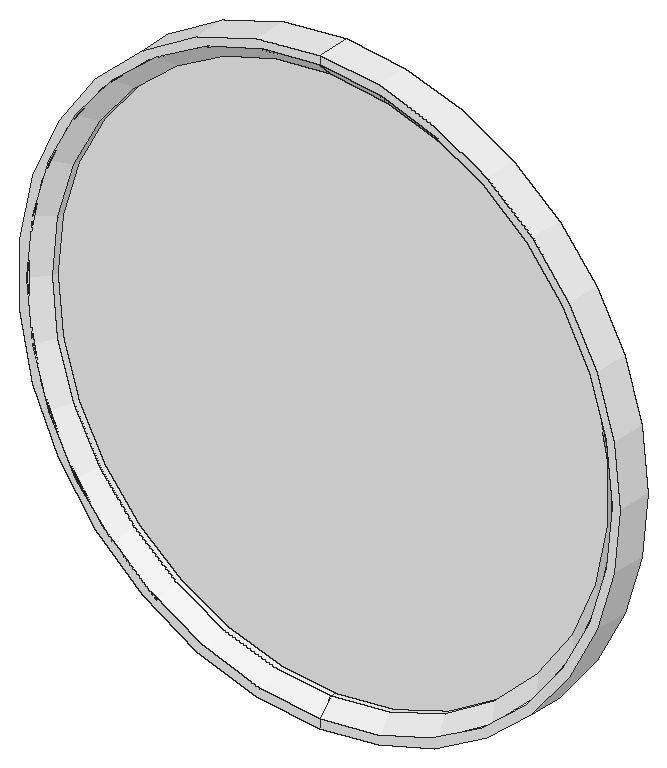
Revit family "xarita s mirror with led lights", category Furniture, Revit 2019
Family settings
  OmniClass Number = 23.40.00.00
  OmniClass Title = Equipment and Furnishings
  Work Plane-Based = No
  Always vertical = Yes
  Cut with Voids When Loaded = No
  Shared = Yes
  Room Calculation Point = No
Parameters (values of type "54982-54982700-MATT_WHITE-400")
  etim7_EC010550 = "EC010550"
  WIDTH = "700"
  WEIGHT = "11.4"
  UNSPSC = "56 | Furniture and Furnishings"
  UNIFORMATII = "E2010 | Fixed Furnishings"
  UNICLASS_2015_CODE = "25_71_53_06"
  UNICLASS2015 = "Pr_25_71_53_06 | Bathroom mirrors"
  TYPE = "C"
  SPECIFICATION = "Surfaces:    - 54982700 Matt White      Specification:    • material: mirror glass   • material frame: aluminium   • surface material: powder coating   • MoistureProof: durable and splash water resistant material  • SmartTouch: light control via capacitive sensor, sensor switch in the mirror surface  • light source: LED, exchangeable  • direct LED light with 5 different color temperatures gradations  • colour temperature: 2700 - 6500 K  • LED lifetime: > 50.000 hours   • stepless dimmable  • AntiFog: with mirror heating  • Auto-off function: automatic shutdown for all functions   • Memory function: Dimming, color temperature and RGB LED settings  • with mounting material  • concealed fastening  • wall-mounted"
  R1 = 352
  PRODUCTURL = "https://pro.hansgrohe.com/articledetail--54982700"
  PERMALINK = "54982XXX"
  OMNICLASS = "23-21 37 13 15 | Mirrors"
  OBJECTTYPE = "Object (single object)"
  NN = "Xarita S Mirror with LED lights"
  NBSYN = "$BASENUMBER.-$ARTNR.-$MATERIAL.-$LODLEVEL."
  NB = "54982-54982700-MATT_WHITE-400"
  NAME = "Xarita S Mirror with LED lights 700/50 capacitive touch sensor"
  Model = "54982-54982700-MATT_WHITE-400"
  Manufacturer = "Hansgrohe"
  MIdent = "{$CADENAS_DATA/23d-libs/hansgrohe/xarita_mirror/xarita_mirror_led_lights_capacitive_touch_sens.prj},231 {VTYP=3D},{NB=54982-54982700-MATT_WHITE-400},{LINA=54982-54982700-MATT_WHITE-400},{NN=Xarita S Mirror with LED lights},{DATE=13.03.2023 09:42:43},{GEOMDATE=12.03.2023 07:50:00},{VERSION=},{LINEID=20},{WBVAR=LODLEVEL},{WBNUMERIC=}  {NB=54982-54982700-MATT_WHITE-400},{LINA=54982-54982700-MATT_WHITE-400},{KT=DUMMY},{IDNR=2},{ARTNR=54982700},{BASENUMBER=54982},{MODEL=54982XXX},{MATERIAL=MATT_WHITE},{LODLEVEL=400},{LODLEVELX='400','400','200','200'},{L=50.000},{R1=352.000},{TYPE=C},{NAME=Xarita S Mirror with LED lights 700/50 capacitive touch sensor},{PERMALINK=54982XXX},{OBJECTTYPE=Object (single object)},{BIMOBJECT=Sanitary: Mirrors},{COLLECTIONSET=Xarita S},{COLLECTIONGROUP=Mirrors},{WIDTH=700},{HEIGHT=700},{DEPTH=50},{WEIGHT=11.4},{DESCRIPTION=Xarita S Mirror with LED lights 700/50 capacitive touch sensor},{SPECIFICATION=Surfaces:    - 54982700 Matt White      Specification:    • material: mirror glass   • material frame: aluminium   • surface material: powder coating   • MoistureProof: durable and splash water resistant material  • SmartTouch: light control via capacitive sensor, sensor switch in the mirror surface  • light source: LED, exchangeable  • direct LED light with 5 different color temperatures gradations  • colour temperature: 2700 - 6500 K  • LED lifetime: > 50.000 hours   • stepless dimmable  • AntiFog: with mirror heating  • Auto-off function: automatic shutdown for all functions   • Memory function: Dimming, color temperature and RGB LED settings  • with mounting material  • concealed fastening  • wall-mounted},{PRODUCTURL=https://pro.hansgrohe.com/articledetail--54982700},{GTINCODE=4059625463864},{TENDERURL=},{IFC=Furnishing element},{ETIM=EC010550 | Mirror},{UNICLASS2015=Pr_25_71_53_06 | Bathroom mirrors},{OMNICLASS=23-21 37 13 15 | Mirrors},{MASTERFORMAT=08 83 00 | Mirrors},{UNSPSC=56 | Furniture and Furnishings},{UNIFORMATII=E2010 | Fixed Furnishings},{DESIGN=Germany},{MANUFACTURER=Germany}"
  MATERIAL = "MATT_WHITE"
  MASTERFORMAT = "08 83 00 | Mirrors"
  LODLEVEL = "400"
  LINA = "54982-54982700-MATT_WHITE-400"
  L = 50
  IFC = "Furnishing element"
  IDNR = 2
  HEIGHT = "700"
  GTINCODE = "4059625463864"
  ETIM = "EC010550 | Mirror"
  DESIGN = "Germany"
  DEPTH = "50"
  COLLECTIONSET = "Xarita S"
  COLLECTIONGROUP = "Mirrors"
  CATALOG = "Hansgrohe"
  BIMOBJECT = "Sanitary: Mirrors"
  BASENUMBER = "54982"
  ARTNR = "54982700"
  54989-54989700-MATT_WHITE-400_RX0RY0RZ0TX0TY0TZ0_V = no
  54989-54989700-MATT_WHITE-200_RX0RY0RZ0TX0TY0TZ0_V = no
  54988-54988700-MATT_WHITE-400_RX0RY0RZ0TX0TY0TZ0_V = no
  54988-54988700-MATT_WHITE-200_RX0RY0RZ0TX0TY0TZ0_V = no
  54987-54987700-MATT_WHITE-400_RX0RY0RZ0TX0TY0TZ0_V = no
  54987-54987700-MATT_WHITE-200_RX0RY0RZ0TX0TY0TZ0_V = no
  54986-54986700-MATT_WHITE-400_RX0RY0RZ0TX0TY0TZ0_V = no
  54986-54986700-MATT_WHITE-200_RX0RY0RZ0TX0TY0TZ0_V = no
  54985-54985700-MATT_WHITE-400_RX0RY0RZ0TX0TY0TZ0_V = no
  54985-54985700-MATT_WHITE-200_RX0RY0RZ0TX0TY0TZ0_V = no
  54984-54984700-MATT_WHITE-400_RX0RY0RZ0TX0TY0TZ0_V = no
  54984-54984700-MATT_WHITE-200_RX0RY0RZ0TX0TY0TZ0_V = no
  54983-54983700-MATT_WHITE-400_RX0RY0RZ0TX0TY0TZ0_V = no
  54983-54983700-MATT_WHITE-200_RX0RY0RZ0TX0TY0TZ0_V = no
  54982-54982700-MATT_WHITE-400_RX0RY0RZ0TX0TY0TZ0_V = yes
  54982-54982700-MATT_WHITE-200_RX0RY0RZ0TX0TY0TZ0_V = no
  54981-54981700-MATT_WHITE-400_RX0RY0RZ0TX0TY0TZ0_V = no
  54981-54981700-MATT_WHITE-200_RX0RY0RZ0TX0TY0TZ0_V = no
Reference planes
  plane 1 "Center (Front/Back)": y = 0
  plane 2: z = 0
  plane 3 "Center (Left/Right)": x = 0
Dimensions and locks
  aligned and locked: level to plane 2
Nested families
  nested 1: "54981-54981700-matt_white-200_matt_white_content" at (0, 0, 0), visible <- "54981-54981700-MATT_WHITE-200_RX0RY0RZ0TX0TY0TZ0_V", ContentVisible <- "54981-54981700-MATT_WHITE-200_RX0RY0RZ0TX0TY0TZ0_V", type "54981-54981700-MATT_WHITE-200_MATT_WHITE_Content"
    with ContentVisible no
  nested 2: "54981-54981700-matt_white-400_matt_white_content" at (0, 0, 0), visible <- "54981-54981700-MATT_WHITE-400_RX0RY0RZ0TX0TY0TZ0_V", ContentVisible <- "54981-54981700-MATT_WHITE-400_RX0RY0RZ0TX0TY0TZ0_V", type "54981-54981700-MATT_WHITE-400_MATT_WHITE_Content"
    with ContentVisible no
  nested 3: "54982-54982700-matt_white-200_matt_white_content" at (0, 0, 0), visible <- "54982-54982700-MATT_WHITE-200_RX0RY0RZ0TX0TY0TZ0_V", ContentVisible <- "54982-54982700-MATT_WHITE-200_RX0RY0RZ0TX0TY0TZ0_V", type "54982-54982700-MATT_WHITE-200_MATT_WHITE_Content"
    with ContentVisible no
  nested 4: "54982-54982700-matt_white-400_matt_white_content" at (0, 0, 0), visible <- "54982-54982700-MATT_WHITE-400_RX0RY0RZ0TX0TY0TZ0_V", ContentVisible <- "54982-54982700-MATT_WHITE-400_RX0RY0RZ0TX0TY0TZ0_V", type "54982-54982700-MATT_WHITE-400_MATT_WHITE_Content"
    with ContentVisible yes
  nested 5: "54983-54983700-matt_white-200_matt_white_content" at (0, 0, 0), visible <- "54983-54983700-MATT_WHITE-200_RX0RY0RZ0TX0TY0TZ0_V", ContentVisible <- "54983-54983700-MATT_WHITE-200_RX0RY0RZ0TX0TY0TZ0_V", type "54983-54983700-MATT_WHITE-200_MATT_WHITE_Content"
    with ContentVisible no
  nested 6: "54983-54983700-matt_white-400_matt_white_content" at (0, 0, 0), visible <- "54983-54983700-MATT_WHITE-400_RX0RY0RZ0TX0TY0TZ0_V", ContentVisible <- "54983-54983700-MATT_WHITE-400_RX0RY0RZ0TX0TY0TZ0_V", type "54983-54983700-MATT_WHITE-400_MATT_WHITE_Content"
    with ContentVisible no
  nested 7: "54984-54984700-matt_white-200_matt_white_content" at (0, 0, 0), visible <- "54984-54984700-MATT_WHITE-200_RX0RY0RZ0TX0TY0TZ0_V", ContentVisible <- "54984-54984700-MATT_WHITE-200_RX0RY0RZ0TX0TY0TZ0_V", type "54984-54984700-MATT_WHITE-200_MATT_WHITE_Content"
    with ContentVisible no
  nested 8: "54984-54984700-matt_white-400_matt_white_content" at (0, 0, 0), visible <- "54984-54984700-MATT_WHITE-400_RX0RY0RZ0TX0TY0TZ0_V", ContentVisible <- "54984-54984700-MATT_WHITE-400_RX0RY0RZ0TX0TY0TZ0_V", type "54984-54984700-MATT_WHITE-400_MATT_WHITE_Content"
    with ContentVisible no
  nested 9: "54985-54985700-matt_white-200_matt_white_content" at (0, 0, 0), visible <- "54985-54985700-MATT_WHITE-200_RX0RY0RZ0TX0TY0TZ0_V", ContentVisible <- "54985-54985700-MATT_WHITE-200_RX0RY0RZ0TX0TY0TZ0_V", type "54985-54985700-MATT_WHITE-200_MATT_WHITE_Content"
    with ContentVisible no
  nested 10: "54985-54985700-matt_white-400_matt_white_content" at (0, 0, 0), visible <- "54985-54985700-MATT_WHITE-400_RX0RY0RZ0TX0TY0TZ0_V", ContentVisible <- "54985-54985700-MATT_WHITE-400_RX0RY0RZ0TX0TY0TZ0_V", type "54985-54985700-MATT_WHITE-400_MATT_WHITE_Content"
    with ContentVisible no
  nested 11: "54986-54986700-matt_white-200_matt_white_content" at (0, 0, 0), visible <- "54986-54986700-MATT_WHITE-200_RX0RY0RZ0TX0TY0TZ0_V", ContentVisible <- "54986-54986700-MATT_WHITE-200_RX0RY0RZ0TX0TY0TZ0_V", type "54986-54986700-MATT_WHITE-200_MATT_WHITE_Content"
    with ContentVisible no
  nested 12: "54986-54986700-matt_white-400_matt_white_content" at (0, 0, 0), visible <- "54986-54986700-MATT_WHITE-400_RX0RY0RZ0TX0TY0TZ0_V", ContentVisible <- "54986-54986700-MATT_WHITE-400_RX0RY0RZ0TX0TY0TZ0_V", type "54986-54986700-MATT_WHITE-400_MATT_WHITE_Content"
    with ContentVisible no
  nested 13: "54987-54987700-matt_white-200_matt_white_content" at (0, 0, 0), visible <- "54987-54987700-MATT_WHITE-200_RX0RY0RZ0TX0TY0TZ0_V", ContentVisible <- "54987-54987700-MATT_WHITE-200_RX0RY0RZ0TX0TY0TZ0_V", type "54987-54987700-MATT_WHITE-200_MATT_WHITE_Content"
    with ContentVisible no
  nested 14: "54987-54987700-matt_white-400_matt_white_content" at (0, 0, 0), visible <- "54987-54987700-MATT_WHITE-400_RX0RY0RZ0TX0TY0TZ0_V", ContentVisible <- "54987-54987700-MATT_WHITE-400_RX0RY0RZ0TX0TY0TZ0_V", type "54987-54987700-MATT_WHITE-400_MATT_WHITE_Content"
    with ContentVisible no
  nested 15: "54988-54988700-matt_white-200_matt_white_content" at (0, 0, 0), visible <- "54988-54988700-MATT_WHITE-200_RX0RY0RZ0TX0TY0TZ0_V", ContentVisible <- "54988-54988700-MATT_WHITE-200_RX0RY0RZ0TX0TY0TZ0_V", type "54988-54988700-MATT_WHITE-200_MATT_WHITE_Content"
    with ContentVisible no
  nested 16: "54988-54988700-matt_white-400_matt_white_content" at (0, 0, 0), visible <- "54988-54988700-MATT_WHITE-400_RX0RY0RZ0TX0TY0TZ0_V", ContentVisible <- "54988-54988700-MATT_WHITE-400_RX0RY0RZ0TX0TY0TZ0_V", type "54988-54988700-MATT_WHITE-400_MATT_WHITE_Content"
    with ContentVisible no
  nested 17: "54989-54989700-matt_white-200_matt_white_content" at (0, 0, 0), visible <- "54989-54989700-MATT_WHITE-200_RX0RY0RZ0TX0TY0TZ0_V", ContentVisible <- "54989-54989700-MATT_WHITE-200_RX0RY0RZ0TX0TY0TZ0_V", type "54989-54989700-MATT_WHITE-200_MATT_WHITE_Content"
    with ContentVisible no
  nested 18: "54989-54989700-matt_white-400_matt_white_content" at (0, 0, 0), visible <- "54989-54989700-MATT_WHITE-400_RX0RY0RZ0TX0TY0TZ0_V", ContentVisible <- "54989-54989700-MATT_WHITE-400_RX0RY0RZ0TX0TY0TZ0_V", type "54989-54989700-MATT_WHITE-400_MATT_WHITE_Content"
    with ContentVisible no
Definition of nested family "54982-54982700-matt_white-400_matt_white_content"
  Parameters (values of type "54982-54982700-MATT_WHITE-400_MATT_WHITE_Content")
    etim7_EC010550 = "EC010550"
    WIDTH = "700"
    WEIGHT = "11.4"
    UNSPSC = "56 | Furniture and Furnishings"
    UNIFORMATII = "E2010 | Fixed Furnishings"
    UNICLASS_2015_CODE = "25_71_53_06"
    UNICLASS2015 = "Pr_25_71_53_06 | Bathroom mirrors"
    TYPE = "C"
    SPECIFICATION = "Surfaces:    - 54982700 Matt White      Specification:    • material: mirror glass   • material frame: aluminium   • surface material: powder coating   • MoistureProof: durable and splash water resistant material  • SmartTouch: light control via capacitive sensor, sensor switch in the mirror surface  • light source: LED, exchangeable  • direct LED light with 5 different color temperatures gradations  • colour temperature: 2700 - 6500 K  • LED lifetime: > 50.000 hours   • stepless dimmable  • AntiFog: with mirror heating  • Auto-off function: automatic shutdown for all functions   • Memory function: Dimming, color temperature and RGB LED settings  • with mounting material  • concealed fastening  • wall-mounted"
    R1 = 352
    PRODUCTURL = "https://pro.hansgrohe.com/articledetail--54982700"
    PERMALINK = "54982XXX"
    OMNICLASS = "23-21 37 13 15 | Mirrors"
    OBJECTTYPE = "Object (single object)"
    NN = "Xarita S Mirror with LED lights"
    NBSYN = "$BASENUMBER.-$ARTNR.-$MATERIAL.-$LODLEVEL."
    NB = "54982-54982700-MATT_WHITE-400"
    NAME = "Xarita S Mirror with LED lights 700/50 capacitive touch sensor"
    Model = "54982-54982700-MATT_WHITE-400"
    Manufacturer = "Hansgrohe"
    MATERIAL = "MATT_WHITE"
    MASTERFORMAT = "08 83 00 | Mirrors"
    LODLEVEL = "400"
    LINA = "54982-54982700-MATT_WHITE-400"
    L = 50
    IFC = "Furnishing element"
    IDNR = 2
    HEIGHT = "700"
    GTINCODE = "4059625463864"
    ETIM = "EC010550 | Mirror"
    Default Elevation = 1219.2 mm
    DESIGN = "Germany"
    DEPTH = "50"
    ContentVisible [instance] = yes
    COLLECTIONSET = "Xarita S"
    COLLECTIONGROUP = "Mirrors"
    CATALOG = "Hansgrohe"
    BIMOBJECT = "Sanitary: Mirrors"
    BASENUMBER = "54982"
    ARTNR = "54982700"
  Reference planes
    plane 1 "Center (Front/Back)": y = 0
    plane 2: z = 0
    plane 3 "Center (Left/Right)": x = 0
  Forms (mm)
    Revolve 1, solid, visible <- "ContentVisible", detail levels medium+fine
      sketch origin (0, 0, 0) x (0, 0, -1) y (0, 1, 0)
        loop
          line (300, -2) -> (325.2, -2) -> (325.2, -33) -> (342, -50) -> (352, -50) -> (352, -11) -> (334, -11) -> (334, 0) -> (300, 0) -> (300, -2)
        axis (0, -50) -> (0, 0)
      angle from -360 to 0
    Extrusion 2, solid, visible <- "ContentVisible", detail levels medium+fine
      sketch origin (0, -26, 0) x (1, 0, 0) y (0, 0, -1)
        loop
          circle (0, 0) r 327
      from 0 to 5
    Extrusion 3, solid, visible <- "ContentVisible", detail levels coarse
      sketch origin (0, -25, -352) x (1, 0, 0) y (0, 1, 0)
        loop
          line (-352, -25) -> (352, -25) -> (352, 25) -> (-352, 25) -> (-352, -25)
      from 0 to 704
  Dimensions and locks
    aligned and locked: level to plane 2
Definition of nested family "54981-54981700-matt_white-200_matt_white_content"
  Parameters (values of type "54981-54981700-MATT_WHITE-200_MATT_WHITE_Content")
    etim7_EC010550 = "EC010550"
    WIDTH = "900"
    WEIGHT = "7.7"
    UNSPSC = "56 | Furniture and Furnishings"
    UNIFORMATII = "E2010 | Fixed Furnishings"
    UNICLASS_2015_CODE = "25_71_53_06"
    UNICLASS2015 = "Pr_25_71_53_06 | Bathroom mirrors"
    TYPE = "C"
    SPECIFICATION = "Surfaces:    - 54981700 Matt White      Specification:    • material: mirror glass   • material frame: aluminium   • surface material: powder coating   • MoistureProof: durable and splash water resistant material  • SmartTouch: light control via capacitive sensor, sensor switch in the mirror surface  • light source: LED, exchangeable  • direct LED light with 5 different color temperatures gradations  • colour temperature: 2700 - 6500 K  • LED lifetime: > 50.000 hours   • stepless dimmable  • AntiFog: with mirror heating  • Auto-off function: automatic shutdown for all functions   • Memory function: Dimming, color temperature and RGB LED settings  • with mounting material  • concealed fastening  • wall-mounted"
    R1 = 450
    PRODUCTURL = "https://pro.hansgrohe.com/articledetail--54981700"
    PERMALINK = "54981XXX"
    OMNICLASS = "23-21 37 13 15 | Mirrors"
    OBJECTTYPE = "Object (single object)"
    NN = "Xarita S Mirror with LED lights"
    NBSYN = "$BASENUMBER.-$ARTNR.-$MATERIAL.-$LODLEVEL."
    NB = "54981-54981700-MATT_WHITE-200"
    NAME = "Xarita S Mirror with LED lights 900/50 capacitive touch sensor"
    Model = "54981-54981700-MATT_WHITE-200"
    Manufacturer = "Hansgrohe"
    MATERIAL = "MATT_WHITE"
    MASTERFORMAT = "08 83 00 | Mirrors"
    LODLEVEL = "200"
    LINA = "54981-54981700-MATT_WHITE-200"
    L = 50
    IFC = "Furnishing element"
    IDNR = 1
    HEIGHT = "900"
    GTINCODE = "4059625463871"
    ETIM = "EC010550 | Mirror"
    Default Elevation = 1219.2 mm
    DESIGN = "Germany"
    DEPTH = "50"
    ContentVisible [instance] = yes
    COLLECTIONSET = "Xarita S"
    COLLECTIONGROUP = "Mirrors"
    CATALOG = "Hansgrohe"
    BIMOBJECT = "Sanitary: Mirrors"
    BASENUMBER = "54981"
    ARTNR = "54981700"
  Reference planes
    plane 1 "Center (Front/Back)": y = 0
    plane 2: z = 0
    plane 3 "Center (Left/Right)": x = 0
  Forms (mm)
    Extrusion 1, solid, visible <- "ContentVisible", detail levels medium+fine
      sketch origin (0, -26, 0) x (1, 0, 0) y (0, 0, -1)
        loop
          circle (0, 0) r 425
      from 0 to 5
    Revolve 2, solid, visible <- "ContentVisible", detail levels medium+fine
      sketch origin (0, 0, 0) x (0, 0, -1) y (0, 1, 0)
        loop
          line (423.2, -50) -> (450, -50) -> (450, 0) -> (423.2, 0) -> (423.2, -50)
        axis (0, -50) -> (0, 0)
      angle from -360 to 0
    Extrusion 3, solid, visible <- "ContentVisible", detail levels coarse
      sketch origin (0, -25, -450) x (1, 0, 0) y (0, 1, 0)
        loop
          line (-450, -25) -> (450, -25) -> (450, 25) -> (-450, 25) -> (-450, -25)
      from 0 to 900
  Dimensions and locks
    aligned and locked: level to plane 2
Definition of nested family "54981-54981700-matt_white-400_matt_white_content"
  Parameters (values of type "54981-54981700-MATT_WHITE-400_MATT_WHITE_Content")
    etim7_EC010550 = "EC010550"
    WIDTH = "900"
    WEIGHT = "7.7"
    UNSPSC = "56 | Furniture and Furnishings"
    UNIFORMATII = "E2010 | Fixed Furnishings"
    UNICLASS_2015_CODE = "25_71_53_06"
    UNICLASS2015 = "Pr_25_71_53_06 | Bathroom mirrors"
    TYPE = "C"
    SPECIFICATION = "Surfaces:    - 54981700 Matt White      Specification:    • material: mirror glass   • material frame: aluminium   • surface material: powder coating   • MoistureProof: durable and splash water resistant material  • SmartTouch: light control via capacitive sensor, sensor switch in the mirror surface  • light source: LED, exchangeable  • direct LED light with 5 different color temperatures gradations  • colour temperature: 2700 - 6500 K  • LED lifetime: > 50.000 hours   • stepless dimmable  • AntiFog: with mirror heating  • Auto-off function: automatic shutdown for all functions   • Memory function: Dimming, color temperature and RGB LED settings  • with mounting material  • concealed fastening  • wall-mounted"
    R1 = 450
    PRODUCTURL = "https://pro.hansgrohe.com/articledetail--54981700"
    PERMALINK = "54981XXX"
    OMNICLASS = "23-21 37 13 15 | Mirrors"
    OBJECTTYPE = "Object (single object)"
    NN = "Xarita S Mirror with LED lights"
    NBSYN = "$BASENUMBER.-$ARTNR.-$MATERIAL.-$LODLEVEL."
    NB = "54981-54981700-MATT_WHITE-400"
    NAME = "Xarita S Mirror with LED lights 900/50 capacitive touch sensor"
    Model = "54981-54981700-MATT_WHITE-400"
    Manufacturer = "Hansgrohe"
    MATERIAL = "MATT_WHITE"
    MASTERFORMAT = "08 83 00 | Mirrors"
    LODLEVEL = "400"
    LINA = "54981-54981700-MATT_WHITE-400"
    L = 50
    IFC = "Furnishing element"
    IDNR = 1
    HEIGHT = "900"
    GTINCODE = "4059625463871"
    ETIM = "EC010550 | Mirror"
    Default Elevation = 1219.2 mm
    DESIGN = "Germany"
    DEPTH = "50"
    ContentVisible [instance] = yes
    COLLECTIONSET = "Xarita S"
    COLLECTIONGROUP = "Mirrors"
    CATALOG = "Hansgrohe"
    BIMOBJECT = "Sanitary: Mirrors"
    BASENUMBER = "54981"
    ARTNR = "54981700"
  Reference planes
    plane 1 "Center (Front/Back)": y = 0
    plane 2: z = 0
    plane 3 "Center (Left/Right)": x = 0
  Forms (mm)
    Revolve 1, solid, visible <- "ContentVisible", detail levels medium+fine
      sketch origin (0, 0, 0) x (0, 0, -1) y (0, 1, 0)
        loop
          line (398, -2) -> (423.2, -2) -> (423.2, -33) -> (440, -50) -> (450, -50) -> (450, -11) -> (432, -11) -> (432, 0) -> (398, 0) -> (398, -2)
        axis (0, -50) -> (0, 0)
      angle from -360 to 0
    Revolve 2, solid, visible <- "ContentVisible", detail levels medium+fine
      sketch origin (0, 0, 0) x (0, 0, -1) y (0, 1, 0)
        loop
          line (432, -11) -> (441, -11)
          arc (441, -11) -> (442.414, -10.414) -> (443, -9) r 2
          line (443, -9) -> (443, -3.5)
          arc (443, -3.5) -> (442.414, -2.086) -> (441, -1.5) r 2
          line (441, -1.5) -> (432, -1.5) -> (432, -11)
        axis (0, -11) -> (0, -1.5)
      angle from -360 to 0
    Extrusion 3, solid, visible <- "ContentVisible", detail levels medium+fine
      sketch origin (0, -26, 0) x (1, 0, 0) y (0, 0, -1)
        loop
          circle (0, 0) r 425
      from 0 to 5
    Extrusion 4, solid, visible <- "ContentVisible", detail levels coarse
      sketch origin (0, -25, -450) x (1, 0, 0) y (0, 1, 0)
        loop
          line (-450, -25) -> (450, -25) -> (450, 25) -> (-450, 25) -> (-450, -25)
      from 0 to 900
  Dimensions and locks
    aligned and locked: level to plane 2
Definition of nested family "54982-54982700-matt_white-200_matt_white_content"
  Parameters (values of type "54982-54982700-MATT_WHITE-200_MATT_WHITE_Content")
    etim7_EC010550 = "EC010550"
    WIDTH = "700"
    WEIGHT = "11.4"
    UNSPSC = "56 | Furniture and Furnishings"
    UNIFORMATII = "E2010 | Fixed Furnishings"
    UNICLASS_2015_CODE = "25_71_53_06"
    UNICLASS2015 = "Pr_25_71_53_06 | Bathroom mirrors"
    TYPE = "C"
    SPECIFICATION = "Surfaces:    - 54982700 Matt White      Specification:    • material: mirror glass   • material frame: aluminium   • surface material: powder coating   • MoistureProof: durable and splash water resistant material  • SmartTouch: light control via capacitive sensor, sensor switch in the mirror surface  • light source: LED, exchangeable  • direct LED light with 5 different color temperatures gradations  • colour temperature: 2700 - 6500 K  • LED lifetime: > 50.000 hours   • stepless dimmable  • AntiFog: with mirror heating  • Auto-off function: automatic shutdown for all functions   • Memory function: Dimming, color temperature and RGB LED settings  • with mounting material  • concealed fastening  • wall-mounted"
    R1 = 352
    PRODUCTURL = "https://pro.hansgrohe.com/articledetail--54982700"
    PERMALINK = "54982XXX"
    OMNICLASS = "23-21 37 13 15 | Mirrors"
    OBJECTTYPE = "Object (single object)"
    NN = "Xarita S Mirror with LED lights"
    NBSYN = "$BASENUMBER.-$ARTNR.-$MATERIAL.-$LODLEVEL."
    NB = "54982-54982700-MATT_WHITE-200"
    NAME = "Xarita S Mirror with LED lights 700/50 capacitive touch sensor"
    Model = "54982-54982700-MATT_WHITE-200"
    Manufacturer = "Hansgrohe"
    MATERIAL = "MATT_WHITE"
    MASTERFORMAT = "08 83 00 | Mirrors"
    LODLEVEL = "200"
    LINA = "54982-54982700-MATT_WHITE-200"
    L = 50
    IFC = "Furnishing element"
    IDNR = 2
    HEIGHT = "700"
    GTINCODE = "4059625463864"
    ETIM = "EC010550 | Mirror"
    Default Elevation = 1219.2 mm
    DESIGN = "Germany"
    DEPTH = "50"
    ContentVisible [instance] = yes
    COLLECTIONSET = "Xarita S"
    COLLECTIONGROUP = "Mirrors"
    CATALOG = "Hansgrohe"
    BIMOBJECT = "Sanitary: Mirrors"
    BASENUMBER = "54982"
    ARTNR = "54982700"
  Reference planes
    plane 1 "Center (Front/Back)": y = 0
    plane 2: z = 0
    plane 3 "Center (Left/Right)": x = 0
  Forms (mm)
    Extrusion 1, solid, visible <- "ContentVisible", detail levels medium+fine
      sketch origin (0, -26, 0) x (1, 0, 0) y (0, 0, -1)
        loop
          circle (0, 0) r 327
      from 0 to 5
    Revolve 2, solid, visible <- "ContentVisible", detail levels medium+fine
      sketch origin (0, 0, 0) x (0, 0, -1) y (0, 1, 0)
        loop
          line (325.2, -50) -> (352, -50) -> (352, 0) -> (325.2, 0) -> (325.2, -50)
        axis (0, -50) -> (0, 0)
      angle from -360 to 0
    Extrusion 3, solid, visible <- "ContentVisible", detail levels coarse
      sketch origin (0, -25, -352) x (1, 0, 0) y (0, 1, 0)
        loop
          line (-352, -25) -> (352, -25) -> (352, 25) -> (-352, 25) -> (-352, -25)
      from 0 to 704
  Dimensions and locks
    aligned and locked: level to plane 2
Definition of nested family "54983-54983700-matt_white-200_matt_white_content"
  Parameters (values of type "54983-54983700-MATT_WHITE-200_MATT_WHITE_Content")
    etim7_EC010550 = "EC010550"
    WIDTH = "1606"
    WEIGHT = "16.1"
    UNSPSC = "56 | Furniture and Furnishings"
    UNIFORMATII = "E2010 | Fixed Furnishings"
    UNICLASS_2015_CODE = "25_71_53_06"
    UNICLASS2015 = "Pr_25_71_53_06 | Bathroom mirrors"
    TYPE = "R"
    SPECIFICATION = "Surfaces:    - 54983700 Matt White      Specification:    • material: mirror glass   • material frame: aluminium   • surface material: powder coating   • MoistureProof: durable and splash water resistant material  • SmartTouch: light control via capacitive sensor, sensor switch in the mirror surface  • light source: LED, exchangeable  • direct LED light with 5 different color temperatures gradations  • colour temperature: 2700 - 6500 K  • LED lifetime: > 50.000 hours   • stepless dimmable  • AntiFog: with mirror heating  • Auto-off function: automatic shutdown for all functions   • Memory function: Dimming, color temperature and RGB LED settings  • with mounting material  • concealed fastening  • wall-mounted"
    R1 = 706
    PRODUCTURL = "https://pro.hansgrohe.com/articledetail--54983700"
    PERMALINK = "54983XXX"
    OMNICLASS = "23-21 37 13 15 | Mirrors"
    OBJECTTYPE = "Object (single object)"
    NN = "Xarita S Mirror with LED lights"
    NBSYN = "$BASENUMBER.-$ARTNR.-$MATERIAL.-$LODLEVEL."
    NB = "54983-54983700-MATT_WHITE-200"
    NAME = "Xarita E Mirror with LED lights 1600/50 capacitive touch sensor"
    Model = "54983-54983700-MATT_WHITE-200"
    Manufacturer = "Hansgrohe"
    MATERIAL = "MATT_WHITE"
    MASTERFORMAT = "08 83 00 | Mirrors"
    LODLEVEL = "200"
    LINA = "54983-54983700-MATT_WHITE-200"
    L = 1606
    IFC = "Furnishing element"
    IDNR = 3
    HEIGHT = "706"
    GTINCODE = "4059625463857"
    ETIM = "EC010550 | Mirror"
    Default Elevation = 1219.2 mm
    DESIGN = "Germany"
    DEPTH = "50"
    ContentVisible [instance] = yes
    COLLECTIONSET = "Xarita E"
    COLLECTIONGROUP = "Mirrors"
    CATALOG = "Hansgrohe"
    BIMOBJECT = "Sanitary: Mirrors"
    BASENUMBER = "54983"
    ARTNR = "54983700"
  Reference planes
    plane 1 "Center (Front/Back)": y = 0
    plane 2: z = 0
    plane 3 "Center (Left/Right)": x = 0
  Forms (mm)
    Extrusion 1, solid, visible <- "ContentVisible", detail levels medium+fine
      sketch origin (0, -26, 0) x (1, 0, 0) y (0, 0, -1)
        loop
          line (-789.6, 326) -> (-789.6, -326) -> (789.6, -326) -> (789.6, 326) -> (-789.6, 326)
      from 0 to 4
    Extrusion 2, solid, visible <- "ContentVisible", detail levels medium+fine
      sketch origin (0, 0, 0) x (1, 0, 0) y (0, 0, -1)
        loop
          line (-803, 353) -> (-803, -353) -> (0, -353) -> (0, -326) -> (-776, -326) -> (-776, 326) -> (0, 326) -> (0, 353) -> (-803, 353)
      from -50 to 0
    Extrusion 3, solid, visible <- "ContentVisible", detail levels medium+fine
      sketch origin (0, 0, 0) x (1, 0, 0) y (0, 0, -1)
        loop
          line (0, -326) -> (0, -353) -> (803, -353) -> (803, 353) -> (0, 353) -> (0, 326) -> (776, 326) -> (776, -326) -> (0, -326)
      from -50 to 0
    Extrusion 4, solid, visible <- "ContentVisible", detail levels coarse
      sketch origin (0, -25, -353) x (1, 0, 0) y (0, 1, 0)
        loop
          line (-803, -25) -> (803, -25) -> (803, 25) -> (-803, 25) -> (-803, -25)
      from 0 to 706
  Dimensions and locks
    aligned and locked: level to plane 2
Definition of nested family "54983-54983700-matt_white-400_matt_white_content"
  Parameters (values of type "54983-54983700-MATT_WHITE-400_MATT_WHITE_Content")
    etim7_EC010550 = "EC010550"
    WIDTH = "1606"
    WEIGHT = "16.1"
    UNSPSC = "56 | Furniture and Furnishings"
    UNIFORMATII = "E2010 | Fixed Furnishings"
    UNICLASS_2015_CODE = "25_71_53_06"
    UNICLASS2015 = "Pr_25_71_53_06 | Bathroom mirrors"
    TYPE = "R"
    SPECIFICATION = "Surfaces:    - 54983700 Matt White      Specification:    • material: mirror glass   • material frame: aluminium   • surface material: powder coating   • MoistureProof: durable and splash water resistant material  • SmartTouch: light control via capacitive sensor, sensor switch in the mirror surface  • light source: LED, exchangeable  • direct LED light with 5 different color temperatures gradations  • colour temperature: 2700 - 6500 K  • LED lifetime: > 50.000 hours   • stepless dimmable  • AntiFog: with mirror heating  • Auto-off function: automatic shutdown for all functions   • Memory function: Dimming, color temperature and RGB LED settings  • with mounting material  • concealed fastening  • wall-mounted"
    R1 = 706
    PRODUCTURL = "https://pro.hansgrohe.com/articledetail--54983700"
    PERMALINK = "54983XXX"
    OMNICLASS = "23-21 37 13 15 | Mirrors"
    OBJECTTYPE = "Object (single object)"
    NN = "Xarita S Mirror with LED lights"
    NBSYN = "$BASENUMBER.-$ARTNR.-$MATERIAL.-$LODLEVEL."
    NB = "54983-54983700-MATT_WHITE-400"
    NAME = "Xarita E Mirror with LED lights 1600/50 capacitive touch sensor"
    Model = "54983-54983700-MATT_WHITE-400"
    Manufacturer = "Hansgrohe"
    MATERIAL = "MATT_WHITE"
    MASTERFORMAT = "08 83 00 | Mirrors"
    LODLEVEL = "400"
    LINA = "54983-54983700-MATT_WHITE-400"
    L = 1606
    IFC = "Furnishing element"
    IDNR = 3
    HEIGHT = "706"
    GTINCODE = "4059625463857"
    ETIM = "EC010550 | Mirror"
    Default Elevation = 1219.2 mm
    DESIGN = "Germany"
    DEPTH = "50"
    ContentVisible [instance] = yes
    COLLECTIONSET = "Xarita E"
    COLLECTIONGROUP = "Mirrors"
    CATALOG = "Hansgrohe"
    BIMOBJECT = "Sanitary: Mirrors"
    BASENUMBER = "54983"
    ARTNR = "54983700"
  Reference planes
    plane 1 "Center (Front/Back)": y = 0
    plane 2: z = 0
    plane 3 "Center (Left/Right)": x = 0
  Forms (mm)
    Extrusion 1, solid, visible <- "ContentVisible", detail levels medium+fine
      sketch origin (0, 0, 0) x (0, 0, -1) y (0, 1, 0)
        loop
          line (-353, -50) -> (-343, -50) -> (-326.2, -33) -> (-326.2, -11) -> (-353, -11) -> (-353, -50)
      from -793 to 793
    Extrusion 2, solid, visible <- "ContentVisible", detail levels medium+fine
      sketch origin (0, 0, 0) x (1, 0, 0) y (0, 1, 0)
        loop
          line (-803, -11) -> (-803, -50) -> (-793, -50) -> (-776.2, -33) -> (-776.2, -11) -> (-803, -11)
      from -353 to 353
    Extrusion 3, solid, visible <- "ContentVisible", detail levels medium+fine
      sketch origin (0, 0, 0) x (1, 0, 0) y (0, 1, 0)
        loop
          line (776.2, -33) -> (793, -50) -> (803, -50) -> (803, -11) -> (776.2, -11) -> (776.2, -33)
      from -353 to 353
    Extrusion 4, solid, visible <- "ContentVisible", detail levels medium+fine
      sketch origin (0, 0, 0) x (0, 0, -1) y (0, 1, 0)
        loop
          line (326.2, -33) -> (343, -50) -> (353, -50) -> (353, -11) -> (326.2, -11) -> (326.2, -33)
      from -793 to 793
    Extrusion 5, solid, visible <- "ContentVisible", detail levels medium+fine
      sketch origin (0, -11, 0) x (1, 0, 0) y (0, 0, -1)
        loop
          arc (-796, -278) -> (-778.134, -321.134) -> (-735, -339) r 61
          line (-735, -339) -> (0, -339) -> (0, -302) -> (-759, -302) -> (-759, 302) -> (0, 302) -> (0, 339) -> (-735, 339)
          arc (-735, 339) -> (-778.134, 321.134) -> (-796, 278) r 61
          line (-796, 278) -> (-796, -278)
      from 0 to 7.5
    Extrusion 6, solid, visible <- "ContentVisible", detail levels medium+fine
      sketch origin (0, -11, 0) x (1, 0, 0) y (0, 0, -1)
        loop
          line (0, -302) -> (0, -339) -> (735, -339)
          arc (735, -339) -> (778.134, -321.134) -> (796, -278) r 61
          line (796, -278) -> (796, 278)
          arc (796, 278) -> (778.134, 321.134) -> (735, 339) r 61
          line (735, 339) -> (0, 339) -> (0, 302) -> (759, 302) -> (759, -302) -> (0, -302)
      from 0 to 7.5
    Extrusion 7, solid, visible <- "ContentVisible", detail levels medium+fine
      sketch origin (0, 0, 0) x (1, 0, 0) y (0, 0, -1)
        loop
          arc (-785, -256) -> (-767.134, -299.134) -> (-724, -317) r 61
          line (-724, -317) -> (0, -317) -> (0, -284) -> (-752, -284) -> (-752, 284) -> (0, 284) -> (0, 317) -> (-724, 317)
          arc (-724, 317) -> (-767.134, 299.134) -> (-785, 256) r 61
          line (-785, 256) -> (-785, -256)
      from -11 to 0
    Extrusion 8, solid, visible <- "ContentVisible", detail levels medium+fine
      sketch origin (0, 0, 0) x (1, 0, 0) y (0, 0, -1)
        loop
          line (0, -284) -> (0, -317) -> (724, -317)
          arc (724, -317) -> (767.134, -299.134) -> (785, -256) r 61
          line (785, -256) -> (785, 256)
          arc (785, 256) -> (767.134, 299.134) -> (724, 317) r 61
          line (724, 317) -> (0, 317) -> (0, 284) -> (752, 284) -> (752, -284) -> (0, -284)
      from -11 to 0
    Extrusion 9, solid, visible <- "ContentVisible", detail levels medium+fine
      sketch origin (0, -26, 0) x (1, 0, 0) y (0, 0, -1)
        loop
          line (-789.6, 326) -> (-789.6, -326) -> (789.6, -326) -> (789.6, 326) -> (-789.6, 326)
      from 0 to 4
    Extrusion 10, solid, visible <- "ContentVisible", detail levels coarse
      sketch origin (0, -25, -353) x (1, 0, 0) y (0, 1, 0)
        loop
          line (-803, -25) -> (803, -25) -> (803, 25) -> (-803, 25) -> (-803, -25)
      from 0 to 706
  Dimensions and locks
    aligned and locked: level to plane 2
Definition of nested family "54984-54984700-matt_white-200_matt_white_content"
  Parameters (values of type "54984-54984700-MATT_WHITE-200_MATT_WHITE_Content")
    etim7_EC010550 = "EC010550"
    WIDTH = "1406"
    WEIGHT = "14.4"
    UNSPSC = "56 | Furniture and Furnishings"
    UNIFORMATII = "E2010 | Fixed Furnishings"
    UNICLASS_2015_CODE = "25_71_53_06"
    UNICLASS2015 = "Pr_25_71_53_06 | Bathroom mirrors"
    TYPE = "R"
    SPECIFICATION = "Surfaces:    - 54984700 Matt White      Specification:    • material: mirror glass   • material frame: aluminium   • surface material: powder coating   • MoistureProof: durable and splash water resistant material  • SmartTouch: light control via capacitive sensor, sensor switch in the mirror surface  • light source: LED, exchangeable  • direct LED light with 5 different color temperatures gradations  • colour temperature: 2700 - 6500 K  • LED lifetime: > 50.000 hours   • stepless dimmable  • AntiFog: with mirror heating  • Auto-off function: automatic shutdown for all functions   • Memory function: Dimming, color temperature and RGB LED settings  • with mounting material  • concealed fastening  • wall-mounted"
    R1 = 706
    PRODUCTURL = "https://pro.hansgrohe.com/articledetail--54984700"
    PERMALINK = "54984XXX"
    OMNICLASS = "23-21 37 13 15 | Mirrors"
    OBJECTTYPE = "Object (single object)"
    NN = "Xarita S Mirror with LED lights"
    NBSYN = "$BASENUMBER.-$ARTNR.-$MATERIAL.-$LODLEVEL."
    NB = "54984-54984700-MATT_WHITE-200"
    NAME = "Xarita E Mirror with LED lights 1400/50 capacitive touch sensor"
    Model = "54984-54984700-MATT_WHITE-200"
    Manufacturer = "Hansgrohe"
    MATERIAL = "MATT_WHITE"
    MASTERFORMAT = "08 83 00 | Mirrors"
    LODLEVEL = "200"
    LINA = "54984-54984700-MATT_WHITE-200"
    L = 1406
    IFC = "Furnishing element"
    IDNR = 4
    HEIGHT = "706"
    GTINCODE = "4059625463840"
    ETIM = "EC010550 | Mirror"
    Default Elevation = 1219.2 mm
    DESIGN = "Germany"
    DEPTH = "50"
    ContentVisible [instance] = yes
    COLLECTIONSET = "Xarita E"
    COLLECTIONGROUP = "Mirrors"
    CATALOG = "Hansgrohe"
    BIMOBJECT = "Sanitary: Mirrors"
    BASENUMBER = "54984"
    ARTNR = "54984700"
  Reference planes
    plane 1 "Center (Front/Back)": y = 0
    plane 2: z = 0
    plane 3 "Center (Left/Right)": x = 0
  Forms (mm)
    Extrusion 1, solid, visible <- "ContentVisible", detail levels medium+fine
      sketch origin (0, -26, 0) x (1, 0, 0) y (0, 0, -1)
        loop
          line (-689.6, 326) -> (-689.6, -326) -> (689.6, -326) -> (689.6, 326) -> (-689.6, 326)
      from 0 to 4
    Extrusion 2, solid, visible <- "ContentVisible", detail levels medium+fine
      sketch origin (0, 0, 0) x (1, 0, 0) y (0, 0, -1)
        loop
          line (-703, 353) -> (-703, -353) -> (0, -353) -> (0, -326) -> (-676, -326) -> (-676, 326) -> (0, 326) -> (0, 353) -> (-703, 353)
      from -50 to 0
    Extrusion 3, solid, visible <- "ContentVisible", detail levels medium+fine
      sketch origin (0, 0, 0) x (1, 0, 0) y (0, 0, -1)
        loop
          line (0, -326) -> (0, -353) -> (703, -353) -> (703, 353) -> (0, 353) -> (0, 326) -> (676, 326) -> (676, -326) -> (0, -326)
      from -50 to 0
    Extrusion 4, solid, visible <- "ContentVisible", detail levels coarse
      sketch origin (0, -25, -353) x (1, 0, 0) y (0, 1, 0)
        loop
          line (-703, -25) -> (703, -25) -> (703, 25) -> (-703, 25) -> (-703, -25)
      from 0 to 706
  Dimensions and locks
    aligned and locked: level to plane 2
Definition of nested family "54984-54984700-matt_white-400_matt_white_content"
  Parameters (values of type "54984-54984700-MATT_WHITE-400_MATT_WHITE_Content")
    etim7_EC010550 = "EC010550"
    WIDTH = "1406"
    WEIGHT = "14.4"
    UNSPSC = "56 | Furniture and Furnishings"
    UNIFORMATII = "E2010 | Fixed Furnishings"
    UNICLASS_2015_CODE = "25_71_53_06"
    UNICLASS2015 = "Pr_25_71_53_06 | Bathroom mirrors"
    TYPE = "R"
    SPECIFICATION = "Surfaces:    - 54984700 Matt White      Specification:    • material: mirror glass   • material frame: aluminium   • surface material: powder coating   • MoistureProof: durable and splash water resistant material  • SmartTouch: light control via capacitive sensor, sensor switch in the mirror surface  • light source: LED, exchangeable  • direct LED light with 5 different color temperatures gradations  • colour temperature: 2700 - 6500 K  • LED lifetime: > 50.000 hours   • stepless dimmable  • AntiFog: with mirror heating  • Auto-off function: automatic shutdown for all functions   • Memory function: Dimming, color temperature and RGB LED settings  • with mounting material  • concealed fastening  • wall-mounted"
    R1 = 706
    PRODUCTURL = "https://pro.hansgrohe.com/articledetail--54984700"
    PERMALINK = "54984XXX"
    OMNICLASS = "23-21 37 13 15 | Mirrors"
    OBJECTTYPE = "Object (single object)"
    NN = "Xarita S Mirror with LED lights"
    NBSYN = "$BASENUMBER.-$ARTNR.-$MATERIAL.-$LODLEVEL."
    NB = "54984-54984700-MATT_WHITE-400"
    NAME = "Xarita E Mirror with LED lights 1400/50 capacitive touch sensor"
    Model = "54984-54984700-MATT_WHITE-400"
    Manufacturer = "Hansgrohe"
    MATERIAL = "MATT_WHITE"
    MASTERFORMAT = "08 83 00 | Mirrors"
    LODLEVEL = "400"
    LINA = "54984-54984700-MATT_WHITE-400"
    L = 1406
    IFC = "Furnishing element"
    IDNR = 4
    HEIGHT = "706"
    GTINCODE = "4059625463840"
    ETIM = "EC010550 | Mirror"
    Default Elevation = 1219.2 mm
    DESIGN = "Germany"
    DEPTH = "50"
    ContentVisible [instance] = yes
    COLLECTIONSET = "Xarita E"
    COLLECTIONGROUP = "Mirrors"
    CATALOG = "Hansgrohe"
    BIMOBJECT = "Sanitary: Mirrors"
    BASENUMBER = "54984"
    ARTNR = "54984700"
  Reference planes
    plane 1 "Center (Front/Back)": y = 0
    plane 2: z = 0
    plane 3 "Center (Left/Right)": x = 0
  Forms (mm)
    Extrusion 1, solid, visible <- "ContentVisible", detail levels medium+fine
      sketch origin (0, 0, 0) x (0, 0, -1) y (0, 1, 0)
        loop
          line (-353, -50) -> (-343, -50) -> (-326.2, -33) -> (-326.2, -11) -> (-353, -11) -> (-353, -50)
      from -693 to 693
    Extrusion 2, solid, visible <- "ContentVisible", detail levels medium+fine
      sketch origin (0, 0, 0) x (1, 0, 0) y (0, 1, 0)
        loop
          line (-703, -11) -> (-703, -50) -> (-693, -50) -> (-676.2, -33) -> (-676.2, -11) -> (-703, -11)
      from -353 to 353
    Extrusion 3, solid, visible <- "ContentVisible", detail levels medium+fine
      sketch origin (0, 0, 0) x (1, 0, 0) y (0, 1, 0)
        loop
          line (676.2, -33) -> (693, -50) -> (703, -50) -> (703, -11) -> (676.2, -11) -> (676.2, -33)
      from -353 to 353
    Extrusion 4, solid, visible <- "ContentVisible", detail levels medium+fine
      sketch origin (0, 0, 0) x (0, 0, -1) y (0, 1, 0)
        loop
          line (326.2, -33) -> (343, -50) -> (353, -50) -> (353, -11) -> (326.2, -11) -> (326.2, -33)
      from -693 to 693
    Extrusion 5, solid, visible <- "ContentVisible", detail levels medium+fine
      sketch origin (0, -11, 0) x (1, 0, 0) y (0, 0, -1)
        loop
          arc (-696, -278) -> (-678.134, -321.134) -> (-635, -339) r 61
          line (-635, -339) -> (0, -339) -> (0, -302) -> (-659, -302) -> (-659, 302) -> (0, 302) -> (0, 339) -> (-635, 339)
          arc (-635, 339) -> (-678.134, 321.134) -> (-696, 278) r 61
          line (-696, 278) -> (-696, -278)
      from 0 to 7.5
    Extrusion 6, solid, visible <- "ContentVisible", detail levels medium+fine
      sketch origin (0, -11, 0) x (1, 0, 0) y (0, 0, -1)
        loop
          line (0, -302) -> (0, -339) -> (635, -339)
          arc (635, -339) -> (678.134, -321.134) -> (696, -278) r 61
          line (696, -278) -> (696, 278)
          arc (696, 278) -> (678.134, 321.134) -> (635, 339) r 61
          line (635, 339) -> (0, 339) -> (0, 302) -> (659, 302) -> (659, -302) -> (0, -302)
      from 0 to 7.5
    Extrusion 7, solid, visible <- "ContentVisible", detail levels medium+fine
      sketch origin (0, 0, 0) x (1, 0, 0) y (0, 0, -1)
        loop
          arc (-685, -256) -> (-667.134, -299.134) -> (-624, -317) r 61
          line (-624, -317) -> (0, -317) -> (0, -284) -> (-652, -284) -> (-652, 284) -> (0, 284) -> (0, 317) -> (-624, 317)
          arc (-624, 317) -> (-667.134, 299.134) -> (-685, 256) r 61
          line (-685, 256) -> (-685, -256)
      from -11 to 0
    Extrusion 8, solid, visible <- "ContentVisible", detail levels medium+fine
      sketch origin (0, 0, 0) x (1, 0, 0) y (0, 0, -1)
        loop
          line (0, -284) -> (0, -317) -> (624, -317)
          arc (624, -317) -> (667.134, -299.134) -> (685, -256) r 61
          line (685, -256) -> (685, 256)
          arc (685, 256) -> (667.134, 299.134) -> (624, 317) r 61
          line (624, 317) -> (0, 317) -> (0, 284) -> (652, 284) -> (652, -284) -> (0, -284)
      from -11 to 0
    Extrusion 9, solid, visible <- "ContentVisible", detail levels medium+fine
      sketch origin (0, -26, 0) x (1, 0, 0) y (0, 0, -1)
        loop
          line (-689.6, 326) -> (-689.6, -326) -> (689.6, -326) -> (689.6, 326) -> (-689.6, 326)
      from 0 to 4
    Extrusion 10, solid, visible <- "ContentVisible", detail levels coarse
      sketch origin (0, -25, -353) x (1, 0, 0) y (0, 1, 0)
        loop
          line (-703, -25) -> (703, -25) -> (703, 25) -> (-703, 25) -> (-703, -25)
      from 0 to 706
  Dimensions and locks
    aligned and locked: level to plane 2
Definition of nested family "54985-54985700-matt_white-200_matt_white_content"
  Parameters (values of type "54985-54985700-MATT_WHITE-200_MATT_WHITE_Content")
    etim7_EC010550 = "EC010550"
    WIDTH = "1206"
    WEIGHT = "12.6"
    UNSPSC = "56 | Furniture and Furnishings"
    UNIFORMATII = "E2010 | Fixed Furnishings"
    UNICLASS_2015_CODE = "25_71_53_06"
    UNICLASS2015 = "Pr_25_71_53_06 | Bathroom mirrors"
    TYPE = "R"
    SPECIFICATION = "Surfaces:    - 54985700 Matt White      Specification:    • material: mirror glass   • material frame: aluminium   • surface material: powder coating   • MoistureProof: durable and splash water resistant material  • SmartTouch: light control via capacitive sensor, sensor switch in the mirror surface  • light source: LED, exchangeable  • direct LED light with 5 different color temperatures gradations  • colour temperature: 2700 - 6500 K  • LED lifetime: > 50.000 hours   • stepless dimmable  • AntiFog: with mirror heating  • Auto-off function: automatic shutdown for all functions   • Memory function: Dimming, color temperature and RGB LED settings  • with mounting material  • concealed fastening  • wall-mounted"
    R1 = 706
    PRODUCTURL = "https://pro.hansgrohe.com/articledetail--54985700"
    PERMALINK = "54985XXX"
    OMNICLASS = "23-21 37 13 15 | Mirrors"
    OBJECTTYPE = "Object (single object)"
    NN = "Xarita S Mirror with LED lights"
    NBSYN = "$BASENUMBER.-$ARTNR.-$MATERIAL.-$LODLEVEL."
    NB = "54985-54985700-MATT_WHITE-200"
    NAME = "Xarita E Mirror with LED lights 1200/50 capacitive touch sensor"
    Model = "54985-54985700-MATT_WHITE-200"
    Manufacturer = "Hansgrohe"
    MATERIAL = "MATT_WHITE"
    MASTERFORMAT = "08 83 00 | Mirrors"
    LODLEVEL = "200"
    LINA = "54985-54985700-MATT_WHITE-200"
    L = 1206
    IFC = "Furnishing element"
    IDNR = 5
    HEIGHT = "706"
    GTINCODE = "4059625463833"
    ETIM = "EC010550 | Mirror"
    Default Elevation = 1219.2 mm
    DESIGN = "Germany"
    DEPTH = "50"
    ContentVisible [instance] = yes
    COLLECTIONSET = "Xarita E"
    COLLECTIONGROUP = "Mirrors"
    CATALOG = "Hansgrohe"
    BIMOBJECT = "Sanitary: Mirrors"
    BASENUMBER = "54985"
    ARTNR = "54985700"
  Reference planes
    plane 1 "Center (Front/Back)": y = 0
    plane 2: z = 0
    plane 3 "Center (Left/Right)": x = 0
  Forms (mm)
    Extrusion 1, solid, visible <- "ContentVisible", detail levels medium+fine
      sketch origin (0, -26, 0) x (1, 0, 0) y (0, 0, -1)
        loop
          line (-589.6, 326) -> (-589.6, -326) -> (589.6, -326) -> (589.6, 326) -> (-589.6, 326)
      from 0 to 4
    Extrusion 2, solid, visible <- "ContentVisible", detail levels medium+fine
      sketch origin (0, 0, 0) x (1, 0, 0) y (0, 0, -1)
        loop
          line (-603, 353) -> (-603, -353) -> (0, -353) -> (0, -326) -> (-576, -326) -> (-576, 326) -> (0, 326) -> (0, 353) -> (-603, 353)
      from -50 to 0
    Extrusion 3, solid, visible <- "ContentVisible", detail levels medium+fine
      sketch origin (0, 0, 0) x (1, 0, 0) y (0, 0, -1)
        loop
          line (0, -326) -> (0, -353) -> (603, -353) -> (603, 353) -> (0, 353) -> (0, 326) -> (576, 326) -> (576, -326) -> (0, -326)
      from -50 to 0
    Extrusion 4, solid, visible <- "ContentVisible", detail levels coarse
      sketch origin (0, -25, -353) x (1, 0, 0) y (0, 1, 0)
        loop
          line (-603, -25) -> (603, -25) -> (603, 25) -> (-603, 25) -> (-603, -25)
      from 0 to 706
  Dimensions and locks
    aligned and locked: level to plane 2
Definition of nested family "54985-54985700-matt_white-400_matt_white_content"
  Parameters (values of type "54985-54985700-MATT_WHITE-400_MATT_WHITE_Content")
    etim7_EC010550 = "EC010550"
    WIDTH = "1206"
    WEIGHT = "12.6"
    UNSPSC = "56 | Furniture and Furnishings"
    UNIFORMATII = "E2010 | Fixed Furnishings"
    UNICLASS_2015_CODE = "25_71_53_06"
    UNICLASS2015 = "Pr_25_71_53_06 | Bathroom mirrors"
    TYPE = "R"
    SPECIFICATION = "Surfaces:    - 54985700 Matt White      Specification:    • material: mirror glass   • material frame: aluminium   • surface material: powder coating   • MoistureProof: durable and splash water resistant material  • SmartTouch: light control via capacitive sensor, sensor switch in the mirror surface  • light source: LED, exchangeable  • direct LED light with 5 different color temperatures gradations  • colour temperature: 2700 - 6500 K  • LED lifetime: > 50.000 hours   • stepless dimmable  • AntiFog: with mirror heating  • Auto-off function: automatic shutdown for all functions   • Memory function: Dimming, color temperature and RGB LED settings  • with mounting material  • concealed fastening  • wall-mounted"
    R1 = 706
    PRODUCTURL = "https://pro.hansgrohe.com/articledetail--54985700"
    PERMALINK = "54985XXX"
    OMNICLASS = "23-21 37 13 15 | Mirrors"
    OBJECTTYPE = "Object (single object)"
    NN = "Xarita S Mirror with LED lights"
    NBSYN = "$BASENUMBER.-$ARTNR.-$MATERIAL.-$LODLEVEL."
    NB = "54985-54985700-MATT_WHITE-400"
    NAME = "Xarita E Mirror with LED lights 1200/50 capacitive touch sensor"
    Model = "54985-54985700-MATT_WHITE-400"
    Manufacturer = "Hansgrohe"
    MATERIAL = "MATT_WHITE"
    MASTERFORMAT = "08 83 00 | Mirrors"
    LODLEVEL = "400"
    LINA = "54985-54985700-MATT_WHITE-400"
    L = 1206
    IFC = "Furnishing element"
    IDNR = 5
    HEIGHT = "706"
    GTINCODE = "4059625463833"
    ETIM = "EC010550 | Mirror"
    Default Elevation = 1219.2 mm
    DESIGN = "Germany"
    DEPTH = "50"
    ContentVisible [instance] = yes
    COLLECTIONSET = "Xarita E"
    COLLECTIONGROUP = "Mirrors"
    CATALOG = "Hansgrohe"
    BIMOBJECT = "Sanitary: Mirrors"
    BASENUMBER = "54985"
    ARTNR = "54985700"
  Reference planes
    plane 1 "Center (Front/Back)": y = 0
    plane 2: z = 0
    plane 3 "Center (Left/Right)": x = 0
  Forms (mm)
    Extrusion 1, solid, visible <- "ContentVisible", detail levels medium+fine
      sketch origin (0, 0, 0) x (0, 0, -1) y (0, 1, 0)
        loop
          line (-353, -50) -> (-343, -50) -> (-326.2, -33) -> (-326.2, -11) -> (-353, -11) -> (-353, -50)
      from -593 to 593
    Extrusion 2, solid, visible <- "ContentVisible", detail levels medium+fine
      sketch origin (0, 0, 0) x (1, 0, 0) y (0, 1, 0)
        loop
          line (-603, -11) -> (-603, -50) -> (-593, -50) -> (-576.2, -33) -> (-576.2, -11) -> (-603, -11)
      from -353 to 353
    Extrusion 3, solid, visible <- "ContentVisible", detail levels medium+fine
      sketch origin (0, 0, 0) x (1, 0, 0) y (0, 1, 0)
        loop
          line (576.2, -33) -> (593, -50) -> (603, -50) -> (603, -11) -> (576.2, -11) -> (576.2, -33)
      from -353 to 353
    Extrusion 4, solid, visible <- "ContentVisible", detail levels medium+fine
      sketch origin (0, 0, 0) x (0, 0, -1) y (0, 1, 0)
        loop
          line (326.2, -33) -> (343, -50) -> (353, -50) -> (353, -11) -> (326.2, -11) -> (326.2, -33)
      from -593 to 593
    Extrusion 5, solid, visible <- "ContentVisible", detail levels medium+fine
      sketch origin (0, -11, 0) x (1, 0, 0) y (0, 0, -1)
        loop
          arc (-596, -278) -> (-578.134, -321.134) -> (-535, -339) r 61
          line (-535, -339) -> (0, -339) -> (0, -302) -> (-559, -302) -> (-559, 302) -> (0, 302) -> (0, 339) -> (-535, 339)
          arc (-535, 339) -> (-578.134, 321.134) -> (-596, 278) r 61
          line (-596, 278) -> (-596, -278)
      from 0 to 7.5
    Extrusion 6, solid, visible <- "ContentVisible", detail levels medium+fine
      sketch origin (0, -11, 0) x (1, 0, 0) y (0, 0, -1)
        loop
          line (0, -302) -> (0, -339) -> (535, -339)
          arc (535, -339) -> (578.134, -321.134) -> (596, -278) r 61
          line (596, -278) -> (596, 278)
          arc (596, 278) -> (578.134, 321.134) -> (535, 339) r 61
          line (535, 339) -> (0, 339) -> (0, 302) -> (559, 302) -> (559, -302) -> (0, -302)
      from 0 to 7.5
    Extrusion 7, solid, visible <- "ContentVisible", detail levels medium+fine
      sketch origin (0, 0, 0) x (1, 0, 0) y (0, 0, -1)
        loop
          arc (-585, -256) -> (-567.134, -299.134) -> (-524, -317) r 61
          line (-524, -317) -> (0, -317) -> (0, -284) -> (-552, -284) -> (-552, 284) -> (0, 284) -> (0, 317) -> (-524, 317)
          arc (-524, 317) -> (-567.134, 299.134) -> (-585, 256) r 61
          line (-585, 256) -> (-585, -256)
      from -11 to 0
    Extrusion 8, solid, visible <- "ContentVisible", detail levels medium+fine
      sketch origin (0, 0, 0) x (1, 0, 0) y (0, 0, -1)
        loop
          line (0, -284) -> (0, -317) -> (524, -317)
          arc (524, -317) -> (567.134, -299.134) -> (585, -256) r 61
          line (585, -256) -> (585, 256)
          arc (585, 256) -> (567.134, 299.134) -> (524, 317) r 61
          line (524, 317) -> (0, 317) -> (0, 284) -> (552, 284) -> (552, -284) -> (0, -284)
      from -11 to 0
    Extrusion 9, solid, visible <- "ContentVisible", detail levels medium+fine
      sketch origin (0, -26, 0) x (1, 0, 0) y (0, 0, -1)
        loop
          line (-589.6, 326) -> (-589.6, -326) -> (589.6, -326) -> (589.6, 326) -> (-589.6, 326)
      from 0 to 4
    Extrusion 10, solid, visible <- "ContentVisible", detail levels coarse
      sketch origin (0, -25, -353) x (1, 0, 0) y (0, 1, 0)
        loop
          line (-603, -25) -> (603, -25) -> (603, 25) -> (-603, 25) -> (-603, -25)
      from 0 to 706
  Dimensions and locks
    aligned and locked: level to plane 2
Definition of nested family "54986-54986700-matt_white-200_matt_white_content"
  Parameters (values of type "54986-54986700-MATT_WHITE-200_MATT_WHITE_Content")
    etim7_EC010550 = "EC010550"
    WIDTH = "1006"
    WEIGHT = "10.7"
    UNSPSC = "56 | Furniture and Furnishings"
    UNIFORMATII = "E2010 | Fixed Furnishings"
    UNICLASS_2015_CODE = "25_71_53_06"
    UNICLASS2015 = "Pr_25_71_53_06 | Bathroom mirrors"
    TYPE = "R"
    SPECIFICATION = "Surfaces:    - 54986700 Matt White      Specification:    • material: mirror glass   • material frame: aluminium   • surface material: powder coating   • MoistureProof: durable and splash water resistant material  • SmartTouch: light control via capacitive sensor, sensor switch in the mirror surface  • light source: LED, exchangeable  • direct LED light with 5 different color temperatures gradations  • colour temperature: 2700 - 6500 K  • LED lifetime: > 50.000 hours   • stepless dimmable  • AntiFog: with mirror heating  • Auto-off function: automatic shutdown for all functions   • Memory function: Dimming, color temperature and RGB LED settings  • with mounting material  • concealed fastening  • wall-mounted"
    R1 = 706
    PRODUCTURL = "https://pro.hansgrohe.com/articledetail--54986700"
    PERMALINK = "54986XXX"
    OMNICLASS = "23-21 37 13 15 | Mirrors"
    OBJECTTYPE = "Object (single object)"
    NN = "Xarita S Mirror with LED lights"
    NBSYN = "$BASENUMBER.-$ARTNR.-$MATERIAL.-$LODLEVEL."
    NB = "54986-54986700-MATT_WHITE-200"
    NAME = "Xarita E Mirror with LED lights 1000/50 capacitive touch sensor"
    Model = "54986-54986700-MATT_WHITE-200"
    Manufacturer = "Hansgrohe"
    MATERIAL = "MATT_WHITE"
    MASTERFORMAT = "08 83 00 | Mirrors"
    LODLEVEL = "200"
    LINA = "54986-54986700-MATT_WHITE-200"
    L = 1006
    IFC = "Furnishing element"
    IDNR = 6
    HEIGHT = "706"
    GTINCODE = "4059625463826"
    ETIM = "EC010550 | Mirror"
    Default Elevation = 1219.2 mm
    DESIGN = "Germany"
    DEPTH = "50"
    ContentVisible [instance] = yes
    COLLECTIONSET = "Xarita E"
    COLLECTIONGROUP = "Mirrors"
    CATALOG = "Hansgrohe"
    BIMOBJECT = "Sanitary: Mirrors"
    BASENUMBER = "54986"
    ARTNR = "54986700"
  Reference planes
    plane 1 "Center (Front/Back)": y = 0
    plane 2: z = 0
    plane 3 "Center (Left/Right)": x = 0
  Forms (mm)
    Extrusion 1, solid, visible <- "ContentVisible", detail levels medium+fine
      sketch origin (0, -26, 0) x (1, 0, 0) y (0, 0, -1)
        loop
          line (-489.6, 326) -> (-489.6, -326) -> (489.6, -326) -> (489.6, 326) -> (-489.6, 326)
      from 0 to 4
    Extrusion 2, solid, visible <- "ContentVisible", detail levels medium+fine
      sketch origin (0, 0, 0) x (1, 0, 0) y (0, 0, -1)
        loop
          line (-503, 353) -> (-503, -353) -> (0, -353) -> (0, -326) -> (-476, -326) -> (-476, 326) -> (0, 326) -> (0, 353) -> (-503, 353)
      from -50 to 0
    Extrusion 3, solid, visible <- "ContentVisible", detail levels medium+fine
      sketch origin (0, 0, 0) x (1, 0, 0) y (0, 0, -1)
        loop
          line (0, -326) -> (0, -353) -> (503, -353) -> (503, 353) -> (0, 353) -> (0, 326) -> (476, 326) -> (476, -326) -> (0, -326)
      from -50 to 0
    Extrusion 4, solid, visible <- "ContentVisible", detail levels coarse
      sketch origin (0, -25, -353) x (1, 0, 0) y (0, 1, 0)
        loop
          line (-503, -25) -> (503, -25) -> (503, 25) -> (-503, 25) -> (-503, -25)
      from 0 to 706
  Dimensions and locks
    aligned and locked: level to plane 2
Definition of nested family "54986-54986700-matt_white-400_matt_white_content"
  Parameters (values of type "54986-54986700-MATT_WHITE-400_MATT_WHITE_Content")
    etim7_EC010550 = "EC010550"
    WIDTH = "1006"
    WEIGHT = "10.7"
    UNSPSC = "56 | Furniture and Furnishings"
    UNIFORMATII = "E2010 | Fixed Furnishings"
    UNICLASS_2015_CODE = "25_71_53_06"
    UNICLASS2015 = "Pr_25_71_53_06 | Bathroom mirrors"
    TYPE = "R"
    SPECIFICATION = "Surfaces:    - 54986700 Matt White      Specification:    • material: mirror glass   • material frame: aluminium   • surface material: powder coating   • MoistureProof: durable and splash water resistant material  • SmartTouch: light control via capacitive sensor, sensor switch in the mirror surface  • light source: LED, exchangeable  • direct LED light with 5 different color temperatures gradations  • colour temperature: 2700 - 6500 K  • LED lifetime: > 50.000 hours   • stepless dimmable  • AntiFog: with mirror heating  • Auto-off function: automatic shutdown for all functions   • Memory function: Dimming, color temperature and RGB LED settings  • with mounting material  • concealed fastening  • wall-mounted"
    R1 = 706
    PRODUCTURL = "https://pro.hansgrohe.com/articledetail--54986700"
    PERMALINK = "54986XXX"
    OMNICLASS = "23-21 37 13 15 | Mirrors"
    OBJECTTYPE = "Object (single object)"
    NN = "Xarita S Mirror with LED lights"
    NBSYN = "$BASENUMBER.-$ARTNR.-$MATERIAL.-$LODLEVEL."
    NB = "54986-54986700-MATT_WHITE-400"
    NAME = "Xarita E Mirror with LED lights 1000/50 capacitive touch sensor"
    Model = "54986-54986700-MATT_WHITE-400"
    Manufacturer = "Hansgrohe"
    MATERIAL = "MATT_WHITE"
    MASTERFORMAT = "08 83 00 | Mirrors"
    LODLEVEL = "400"
    LINA = "54986-54986700-MATT_WHITE-400"
    L = 1006
    IFC = "Furnishing element"
    IDNR = 6
    HEIGHT = "706"
    GTINCODE = "4059625463826"
    ETIM = "EC010550 | Mirror"
    Default Elevation = 1219.2 mm
    DESIGN = "Germany"
    DEPTH = "50"
    ContentVisible [instance] = yes
    COLLECTIONSET = "Xarita E"
    COLLECTIONGROUP = "Mirrors"
    CATALOG = "Hansgrohe"
    BIMOBJECT = "Sanitary: Mirrors"
    BASENUMBER = "54986"
    ARTNR = "54986700"
  Reference planes
    plane 1 "Center (Front/Back)": y = 0
    plane 2: z = 0
    plane 3 "Center (Left/Right)": x = 0
  Forms (mm)
    Extrusion 1, solid, visible <- "ContentVisible", detail levels medium+fine
      sketch origin (0, 0, 0) x (0, 0, -1) y (0, 1, 0)
        loop
          line (-353, -50) -> (-343, -50) -> (-326.2, -33) -> (-326.2, -11) -> (-353, -11) -> (-353, -50)
      from -493 to 493
    Extrusion 2, solid, visible <- "ContentVisible", detail levels medium+fine
      sketch origin (0, 0, 0) x (1, 0, 0) y (0, 1, 0)
        loop
          line (-503, -11) -> (-503, -50) -> (-493, -50) -> (-476.2, -33) -> (-476.2, -11) -> (-503, -11)
      from -353 to 353
    Extrusion 3, solid, visible <- "ContentVisible", detail levels medium+fine
      sketch origin (0, 0, 0) x (1, 0, 0) y (0, 1, 0)
        loop
          line (476.2, -33) -> (493, -50) -> (503, -50) -> (503, -11) -> (476.2, -11) -> (476.2, -33)
      from -353 to 353
